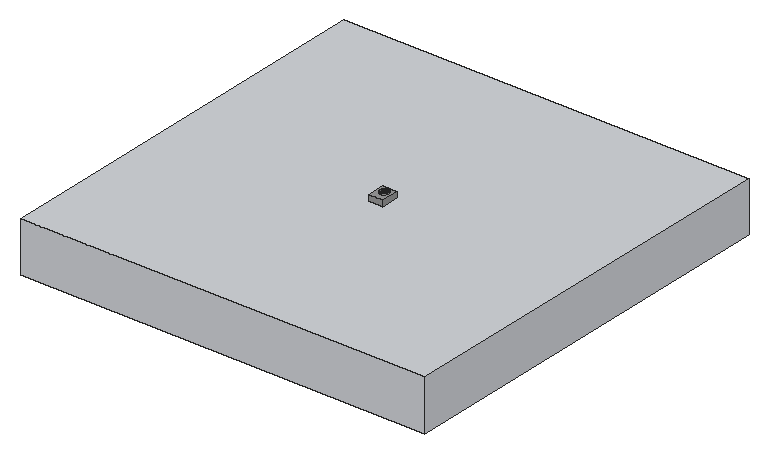
Revit family "Hekatron_Feststellanlagen_THM 433_DE_22.01", category Brandmelder, Revit 2018
Family settings
  Basisbauteil = Fläche
  Beschriftungsausrichtung beibehalten = Nein
  Bemaßung runder Anschluss = Durchmesser verwenden
  Teiletyp = Normal
  Beim Laden mit Abzugskörper schneiden = Nein
  Gemeinsam genutzt = Nein
  Raumberechnungspunkt = Nein
Parameters (values of type "THM 433")
  Zulässige Umgebungstemperatur = " 0 °C bis +50 °C"
  Zulässige Luftgeschwindigkeit = ""
  Zulassungen nach EN 54 = ""
  Width [instance] = 85 mm
  Version des BIM Objektes = "22.01"
  VdS-Anerkennung = ""
  URL = "https://www.hekatron-brandschutz.de"
  UB A&S Artikel Nummer = "6500096"
  Typenkommentare = "Türhaftmagnet THM 433"
  Tiefe (mm) = "85.0"
  Stromaufnahme = "max. 63mA"
  Schutzart = "IP 40"
  Rauchteil einstellbar = ""
  Nettogewicht (g) = ""
  Montageart = "Aufputz"
  Modell = "THM 433"
  Material = "Kunststoff"
  Link zum Datenblatt = ""
  Link zu ausschreiben.de = "http://www.ausschreiben.de/katalog/Hekatron/position/63"
  Link zu Produktinformation = "https://www.hekatron-planungstools.de/Produktinfo/THM_433.PDF"
  Link zu Ausschreibungstext = "https://www.hekatron-planungstools.de/LVTexte/THM_433.pdf"
  Leistungserklärung (DoP) = "CPR-31-13-500-de-en"
  Lautstärke DIN-Ton (dB) = ""
  Kabeleinführung = "unten, hinten"
  Höhe (mm) = "105.0"
  Hersteller = "Hekatron"
  Heigth [instance] = 105 mm
  Funktionsprinzip = ""
  Farbe = "weiß"
  Ex-Zonen = ""
  Einstellung Temperaturklasse nach EN 54-5 = ""
  Einstellung Temperaturindex nach EN 54-5 = ""
  Einstellung Rauchempfindlichkeit nach EN 54-20 = ""
  Einstellen Rauchempfindlichkeit nach EN 54-7 = ""
  EG-Konformitätszertifikat / Zertifikat der Leistungsbeständigkeit = "0786-CPR-21391"
  Durchmesser (mm) = ""
  Depth [instance] = 38 mm
  Vorgabe-Ansicht = 1200 mm
  Breite (mm) = "38.0"
  Betriebsspannung = "24 V DC"
  Beschreibung = "Türhaftmagnet mit verdeckten Anschlussklemmen. Mit Verpolschutz und Löschdiode. Passend zur Ankerplatte ASS 55."
  Bauartgenehmigungen = "Z-6.500-2325, Z-6.500-2340, Z-6.500-2359, Z-6.500-2393, Z-6.500-2394, Z-6.500-2414, Z-6.500-2415, Z-6.500-2365, Z-6.500-2403, Z-6.500-2419, Z-6.500-2298, Z-6.500-2442, Z-6.500-2411, Z-6.500-2444, Z-6.500-2436, Z-6.500-2451, Z-6.500-2452, Z-6.500-2454, Z-6.500-2459, Z-6.500-2515"
  Anzahl Ansaugleitungen = ""
  Ansprechtemperatur = ""
  Alarm- & Empfindlichkeitsbereich = ""
Reference planes
  plane 1 "Center (Front/Back)": y = 0
  plane 2: z = 0
  plane 3 "Center (Left/Right)": x = 0
Forms (mm)
  Extrusion 1, solid
    sketch origin (0, 0, 0) x (1, 0, 0) y (0, 1, 0)
      loop
        line (-1219.2, 1219.2) -> (-1219.2, -1219.2) -> (1219.2, -1219.2) -> (1219.2, 1219.2) -> (-1219.2, 1219.2)
    from 0 to -304.8
  Extrusion 2, solid, material "PC/ABS Plastic"
    sketch origin (0, 0, 0) x (1, 0, 0) y (0, 1, 0)
      loop
        line (-42.5, 42.5) -> (-42.5, -62.5) -> (42.5, -62.5) -> (42.5, 42.5) -> (-42.5, 42.5)
    from 0.5 to 35.5
  Extrusion 3, solid, material "PC/ABS Plastic"
    sketch origin (0, 0, 0) x (1, 0, 0) y (0, 1, 0)
      loop
        line (42, 42) -> (-42, 42) -> (-42, -62) -> (42, -62) -> (42, 42)
      loop
        circle (-25, 32.5) r 2.25
      loop
        circle (25, 32.5) r 2.25
      loop
        circle (-25, -32.5) r 2.25
      loop
        circle (25, -32.5) r 2.25
    from 0 to 0.5
  Extrusion 4, solid, material "Stainless Steel"
    sketch origin (0, 0, 0) x (1, 0, 0) y (0, 1, 0)
      loop
        circle (0, 0) r 25
      loop
        circle (0, 0) r 21.5
    from 35.5 to 38
  Extrusion 5, solid, material "Neodymium"
    sketch origin (0, 0, 0) x (1, 0, 0) y (0, 1, 0)
      loop
        circle (0, 0) r 21.5
      loop
        circle (0, 0) r 13.5
    from 35.5 to 38
  Extrusion 6, solid, material "Silver"
    sketch origin (0, 0, 0) x (1, 0, 0) y (0, 1, 0)
      loop
        circle (0, 0) r 13.5
      loop
        circle (0, 0) r 3.019
    from 35.5 to 38
  Extrusion 7, solid, material "Brass, Soft Yellow"
    sketch origin (0, 0, 0) x (1, 0, 0) y (0, 1, 0)
      loop
        circle (0, 0) r 3.019
    from 35.5 to 38
Dimensions and locks
  "Width": Extrusion 2 to Extrusion 2
  "Heigth": Extrusion 2 to Extrusion 2
  "Depth": Extrusion 4 to Extrusion 1
  aligned and locked: plane 2 to Extrusion 1
  aligned and locked: level to Extrusion 1
Automatic sketch dimensions
  Extrusion 1 sketch curve to Extrusion 1 sketch curve = 2438.4 mm  (x2)
  Extrusion 2 sketch curve to plane 3 "Center (Left/Right)" = 42.5 mm
  plane 3 "Center (Left/Right)" to Extrusion 2 sketch curve = 42.5 mm
  plane 1 "Center (Front/Back)" to Extrusion 2 sketch curve = 62.5 mm
  Extrusion 2 sketch curve to plane 1 "Center (Front/Back)" = 42.5 mm
  Extrusion 3 sketch curve to plane 3 "Center (Left/Right)" = 42 mm
  Extrusion 3 sketch curve to Extrusion 3 sketch curve = 17 mm  (x2)
  Extrusion 3 sketch curve to plane 3 "Center (Left/Right)" = 25 mm
  plane 3 "Center (Left/Right)" to Extrusion 3 sketch curve = 25 mm  (x2)
  plane 1 "Center (Front/Back)" to Extrusion 3 sketch curve = 62 mm
  plane 1 "Center (Front/Back)" to Extrusion 3 sketch curve = 32.5 mm  (x2)
  Extrusion 3 sketch curve to plane 1 "Center (Front/Back)" = 32.5 mm  (x2)
  Extrusion 3 sketch curve to Extrusion 3 sketch curve = 9.5 mm
  Extrusion 4 sketch curve to Extrusion 4 sketch curve = 0 mm  (x2)
  plane 1 "Center (Front/Back)" to Extrusion 4 sketch curve = 0 mm
  Extrusion 4 sketch curve to plane 3 "Center (Left/Right)" = 0 mm
  Extrusion 5 sketch curve to Extrusion 5 sketch curve = 0 mm  (x2)
  plane 1 "Center (Front/Back)" to Extrusion 5 sketch curve = 0 mm
  Extrusion 5 sketch curve to plane 3 "Center (Left/Right)" = 0 mm
  Extrusion 6 sketch curve to Extrusion 6 sketch curve = 0 mm  (x2)
  plane 1 "Center (Front/Back)" to Extrusion 6 sketch curve = 0 mm
  Extrusion 6 sketch curve to plane 3 "Center (Left/Right)" = 0 mm
  plane 1 "Center (Front/Back)" to Extrusion 7 sketch curve = 0 mm
  Extrusion 7 sketch curve to plane 3 "Center (Left/Right)" = 0 mm
  radius of Extrusion 3 sketch curve = 2.25 mm  (x4)
  radius of Extrusion 4 sketch curve = 25 mm
  radius of Extrusion 4 sketch curve = 21.5 mm
  radius of Extrusion 5 sketch curve = 21.5 mm
  radius of Extrusion 5 sketch curve = 13.5 mm
  radius of Extrusion 6 sketch curve = 13.5 mm
  radius of Extrusion 6 sketch curve = 3.019 mm
  radius of Extrusion 7 sketch curve = 3.019 mm
Connectors
  electrical at (0, 0, 0)
    settings: index 1, voltage 0 V, apparent load 0 VA, apparent load phase1 0 VA, apparent load phase2 0 VA, apparent load phase3 0 VA, power factor 1, load classification "Other", number of poles 1, system type 11, power factor state 1, is connector primary yes, connector utility no, sub classification motor no, connector description ""
